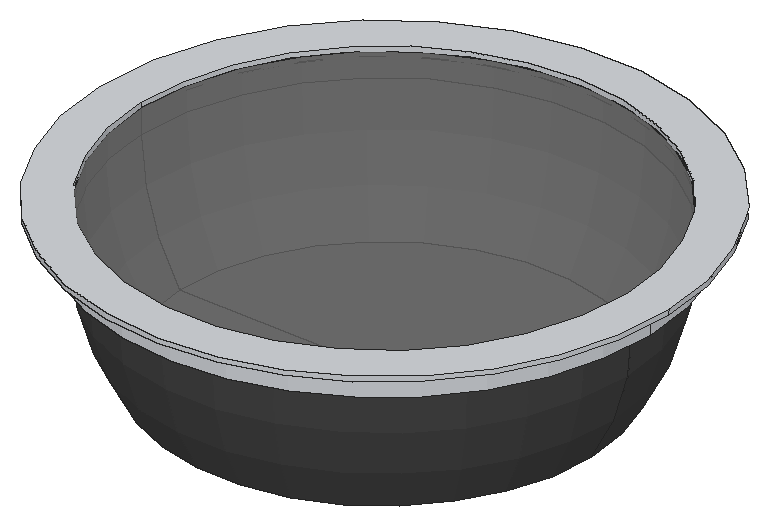
Revit family "3031848 Lighting Fixture_Sylvania_Syl-Lighter II_Ceiling Recessed", category Lighting Fixtures, host Face, Revit 2017
Family settings
  Host = Face
  Round Connector Dimension = Use Diameter
  Part Type = Normal
  OmniClass Number = 23.80.70.11.17
  OmniClass Title = Specialized Lighting by Location or Use
  Cut with Voids When Loaded = No
  Light Source = Yes
  Shared = No
  Room Calculation Point = No
Parameters (values of type "Syl-Lighter LED II 240 RO 25W NW DALI")
  Weight = 0.60 kg
  Wattage = 25.425 W
  built-in parameter 1150110 = 1 (stored number, unit not read)
  Voltage Comments = "UNV (Universal Voltage; 220-240 Volt)"  # constant formula
  Voltage = 240 V  # constant formula
  URL = "http://www.sylvania-lighting.com"
  built-in parameter 1114217 = 1 (stored number, unit not read)
  Tilt Angle = -90.00°  # constant formula
  built-in parameter 1150109 = 1 (stored number, unit not read)
  built-in parameter 1150134 = 12
  Ta Rating = "-10°C to +40°C"  # constant formula
  built-in parameter 1150113 = 1 (stored number, unit not read)
  Recessed Depth = Height  # 65.0 mm
  IP Rating = "IP44"  # constant formula
  IK Rating = "IK07"  # constant formula
  Energy Class = "A++, A+, A"  # constant formula
  Dimmable = "DALI"  # constant formula
  Catalog Number = "3031848 Syl-Lighter LED II 240 RO 25W NW DALI"
  Body Material = Metal_Sylvania_Syl-Lighter LED II_Silver
  Product Page URL = "http://www.sylvania-lighting.com/product/en-int/products/3031848"
  Product Family = "SYL-LIGHTER LED II"  # constant formula
  Photometry Comments = ""
  Photometric Web File = "3031848.ies"
  built-in parameter 1150105 = 191.62 (stored number, unit not read)
  Lumens = 2408 lm
  built-in parameter 1150115 = 1 (stored number, unit not read)
  built-in parameter 1150137 = (empty or 0)
  built-in parameter 1150139 = (empty or 0)
  Life = "50 000h"  # constant formula
  built-in parameter 1150112 = 1 (stored number, unit not read)
  built-in parameter 1150114 = 1 (stored number, unit not read)
  Lamp Comments = "Integrated LED"
  built-in parameter 1150132 = 2
  built-in parameter 1150102 = (empty or 0)
  built-in parameter 1150107 = 4000 (stored number, unit not read)
  built-in parameter 1150138 = (empty or 0)
  built-in parameter 1150106 = 1.9162 (stored number, unit not read)
  Glow Wire Test = 650 °C  # constant formula
  Emit from Circle Diameter = Diffuser Diameter  # 205.0 mm
  Emit Shape Visible in Rendering = no
  built-in parameter 1150104 = 8.7988 (stored number, unit not read)
  Drive Current = "600mA"
  Dimming Lamp Color Temperature Shift = <None>
  Diffuser Radius = Diffuser Diameter / 2  # 102.5 mm
  Diffuser Diameter = Diameter - 20.0 mm  # 205.0 mm
  Inner Diameter = Diameter - 4.0 mm  # 221.0 mm
  Cutout Diameter = Diameter  # 225.0 mm
  Color Filter = 16777215
  Beam Angle = 74.00°
  built-in parameter 1114218 = 1 (stored number, unit not read)
  built-in parameter 1150133 = 10 (stored number, unit not read)
  Height = 65.0 mm
  Electrical Protection = "CLASS II"  # constant formula
  built-in parameter 1114216 [instance] = 1 (stored number, unit not read)
  Model = "Syl-Lighter LED II 240 RO 25W NW DALI"
  Manufacturer = "Feilo Sylvania"  # constant formula
  Lamp = "LED"
  Diffuser Material = Polycarbonate_Sylvania_Syl-Lighter LED II_Opal
  Description = "Ceiling recessed IP44 LED downlight, perfect where limited ceiling void is available with only 65mm product depth and 205mm cutout. Ideal replacement for 2x26W CFL downlights. The polycarbonate diffuser allows for a wider light distribution and increased spacings between luminiares. Loop in loop out connector allows for quick installation. Die-cast aluminium body, 2408LM, 25W, 96lm/W, 4000K, Driver Current: 600mA, CRI80, 74° beam angle, Dali dimmable LED driver, IP44, IK07, 50,000 hrs (L70), (HxW) 65x225mm, 5 step MacAdam ellipse, 0.65kg, RAL9003, Class 2, 220-240V, energy class: A++, A+, A"  # constant formula
  Default Elevation = 0.0 mm
  built-in parameter 1140040 [instance] = 1
  Assembly Code = "D5020200"
  Apparent Load Comments = ""
  Apparent Load = 25 VA
  Accessory Radius = Accessory Diameter / 2  # 120.0 mm
  Accessory Material = Aluminum_Sylvania_Syl-Lighter LED II_White_RAL 9003
  Diameter = 225.0 mm
  Accessory Diameter = 240.0 mm
Reference planes
  plane 1 "Center (Front/Back)": y = 0
  plane 2: z = 0
  plane 3 "Center (Left/Right)": x = 0
  plane 4 "Fixture Bottom": z = 2
  plane 5: z = -10
  plane 6 "Fixture Top": z = -65
  plane 7: z = -2
Forms (mm)
  Extrusion 1, void
    sketch origin (0, 0, 58) x (-1, 0, 0) y (0, -1, 0)
      loop
        circle (0, 0) r 112.5
    from -171 to -55
  Extrusion 2, solid, detail levels fine
    sketch origin (0, 0, 58) x (-1, 0, 0) y (0, -1, 0)
      loop
        circle (0, 0) r 112.5
      loop
        circle (0, 0) r 110.5
    from -68 to -58
  Extrusion 3, solid, detail levels fine
    sketch origin (0, 0, 58) x (-1, 0, 0) y (0, -1, 0)
      loop
        circle (0, 0) r 120
      loop
        circle (0, 0) r 102.5
    from -58 to -56
  Extrusion 4, solid, material "Polycarbonate_Sylvania_Syl-Lighter LED II_Opal" <- "Diffuser Material", detail levels fine
    sketch origin (0, 0, 58) x (-1, 0, 0) y (0, -1, 0)
      loop
        circle (0, 0) r 102.5
    from -60 to -58
  Revolve 5, solid, material "Metal_Sylvania_Syl-Lighter LED II_Silver" <- "Body Material", detail levels fine
    sketch origin (0, 0, 0) x (1, 0, 0) y (0, 0, 1)
      loop
        line (-102.5, 0) -> (-104.5, 0) -> (-104.5, -10)
        arc (-104.5, -10) -> (-100.153, -38.784) -> (-87.5, -65) r 97.471
        line (-87.5, -65) -> (0, -65) -> (0, -63) -> (-86.437, -63)
        arc (-86.437, -63) -> (-98.396, -37.69) -> (-102.5, -10) r 95.471
        line (-102.5, -10) -> (-102.5, 0)
      axis (0, -65) -> (0, 0)
    angle from 0 to 360
  Revolve 6, solid, material "Aluminum_Sylvania_Syl-Lighter LED II_White_RAL 9003" <- "Accessory Material", detail levels coarse+medium
    sketch origin (0, 0, 0) x (1, 0, 0) y (0, 0, 1)
      loop
        line (-120, 2) -> (-120, 0) -> (-112.5, 0) -> (-112.5, -10) -> (-104.5, -10)
        arc (-104.5, -10) -> (-100.153, -38.784) -> (-87.5, -65) r 97.471
        line (-87.5, -65) -> (0, -65) -> (0, 2) -> (-120, 2)
      axis (0, 2) -> (0, -65)
    angle from 0 to 360
Cuts and joins
  joined: Extrusion 2, Extrusion 3
Lines and regions (mm)
  Masking region 1
    outline origin (0, 0, 58) x (-1, 0, 0) y (0, -1, 0)
      loop
        circle (0, 0) r 120
  symbolic lines, detail levels fine
    curve 1: arc (-102.5, 0, 58) -> (0, 102.5, 58) -> (102.5, 0, 58) r 102.5
    curve 2: arc (102.5, 0, 58) -> (0, -102.5, 58) -> (-102.5, 0, 58) r 102.5
Dimensions and locks
  locked: plane 4 "Fixture Bottom" to plane 2 at 2
  locked: plane 2 to plane 5 at 10
  "Height": plane 2 to plane 6 "Fixture Top"
  locked: plane 2 to plane 7 at 2
  "Diffuser Radius": plane 3 "Center (Left/Right)" to Revolve 5 sketch curve
  locked: Revolve 5 sketch curve to Revolve 5 sketch curve at 2
  locked: Revolve 5 sketch curve to Revolve 5 sketch curve at 15
  "Accessory Radius": plane 3 "Center (Left/Right)" to Revolve 6 sketch curve
  Revolve 6 sketch curve to Revolve 6 sketch curve to Revolve 6 sketch curve to Revolve 6 sketch curve = 7.5 mm locked, 8.0 mm locked, 17.0 mm locked
  "Cutout Diameter": diameter of Extrusion 1 sketch curve
  "Diameter": diameter of Extrusion 2 sketch curve
  "Inner Diameter": diameter of Extrusion 2 sketch curve
  "Accessory Diameter": diameter of Extrusion 3 sketch curve
  "Diffuser Diameter": diameter of Extrusion 3 sketch curve
  "Diffuser Diameter": diameter of Extrusion 4 sketch curve
  "Accessory Diameter": diameter of Masking region 1 sketch curve
  aligned and locked: host face to plane 2
  aligned and locked: host face to level
  aligned and locked: plane 4 "Fixture Bottom" to Extrusion 3
  aligned and locked: Extrusion 3 to plane 2
  aligned and locked: Extrusion 2 to plane 5
  aligned and locked: Extrusion 2 to plane 2
  aligned and locked: Extrusion 4 to plane 7
  aligned and locked: plane 2 to Extrusion 4
  aligned and locked: Revolve 5 sketch curve to plane 2
  aligned and locked: plane 5 to Revolve 5 sketch curve  (x2)
  aligned and locked: Revolve 5 sketch curve to plane 3 "Center (Left/Right)"
  aligned and locked: plane 3 "Center (Left/Right)" to Revolve 5 sketch curve
  aligned and locked: Revolve 6 sketch curve to plane 5
  aligned and locked: Revolve 6 sketch curve to plane 2
  aligned and locked: Revolve 6 sketch curve to plane 4 "Fixture Bottom"
  aligned and locked: plane 3 "Center (Left/Right)" to Revolve 6 sketch curve
  aligned and locked: Revolve 6 sketch curve to plane 3 "Center (Left/Right)"
  aligned and locked: plane 3 "Center (Left/Right)" to imposter light
  aligned and locked: imposter light to plane 1 "Center (Front/Back)"
  aligned and locked: imposter light to plane 4 "Fixture Bottom"
  aligned and locked: curve 1 to cut or joined group of Extrusion 2, Extrusion 3
Automatic sketch dimensions
  host sketch curve to host sketch curve = 700.0 mm
  host sketch curve to host sketch curve = 620.0 mm
  plane 1 "Center (Front/Back)" to Extrusion 1 sketch curve = 0.0 mm
  Extrusion 1 sketch curve to plane 3 "Center (Left/Right)" = 0.0 mm
  Extrusion 2 sketch curve to Extrusion 2 sketch curve = 0.0 mm  (x2)
  plane 1 "Center (Front/Back)" to Extrusion 2 sketch curve = 0.0 mm
  Extrusion 2 sketch curve to plane 3 "Center (Left/Right)" = 0.0 mm
  Extrusion 3 sketch curve to Extrusion 3 sketch curve = 0.0 mm  (x2)
  plane 1 "Center (Front/Back)" to Extrusion 3 sketch curve = 0.0 mm
  Extrusion 3 sketch curve to plane 3 "Center (Left/Right)" = 0.0 mm
  plane 1 "Center (Front/Back)" to Extrusion 4 sketch curve = 0.0 mm
  Extrusion 4 sketch curve to plane 3 "Center (Left/Right)" = 0.0 mm
  Revolve 5 sketch curve to Revolve 5 sketch curve = 0.0 mm
  Revolve 5 sketch curve to plane 6 "Fixture Top" = 0.0 mm
  plane 6 "Fixture Top" to Revolve 5 sketch curve = 2.0 mm
  Revolve 5 sketch curve to plane 6 "Fixture Top" = 17.111 mm
  plane 4 "Fixture Bottom" to Revolve 5 sketch curve = 20.889 mm
  Revolve 6 sketch curve to plane 6 "Fixture Top" = 0.0 mm
  Revolve 6 sketch curve to Revolve 6 sketch curve = 63.885 mm
  Revolve 6 sketch curve to Revolve 6 sketch curve = 84.115 mm
  plane 1 "Center (Front/Back)" to Masking region 1 sketch curve = 0.0 mm
  Masking region 1 sketch curve to plane 3 "Center (Left/Right)" = 0.0 mm
Connectors
  electrical at (0, 0, -65), driven by "Apparent Load", driven by "Voltage"
    settings: on Revolve 5, index 1, voltage 240 V, apparent load 0 VA, apparent load phase1 25 VA, apparent load phase2 0 VA, apparent load phase3 0 VA, power factor 1, load classification "Lighting", number of poles 1, system type 31, power factor state 1, is connector primary yes, connector utility no, sub classification motor no, connector description ""
